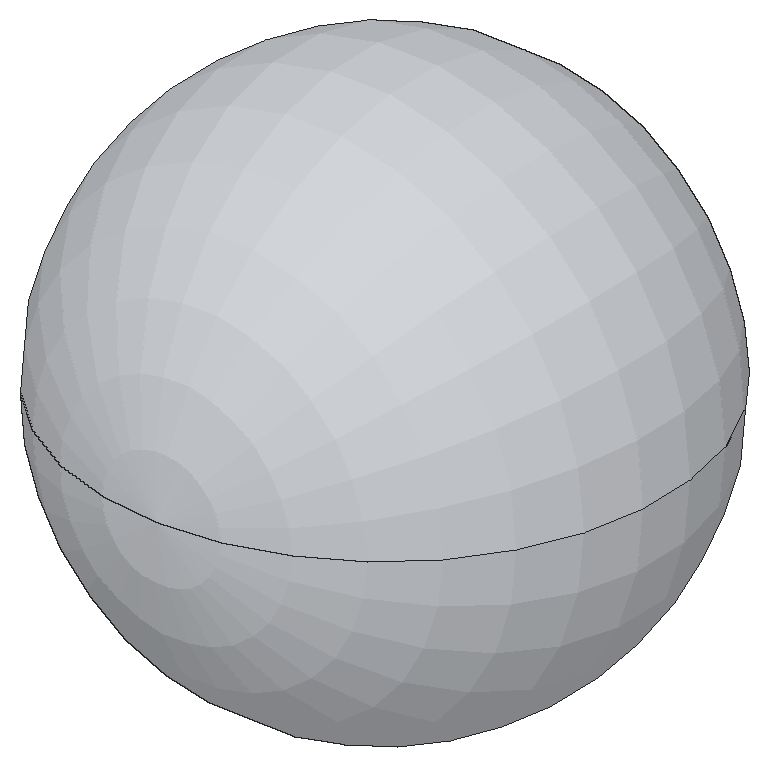
Revit family "damage_as_point", category Modelos genéricos, Revit 2025
Family settings
  Puede alojar armadura = No
  Cota de conector redondo = Usar diámetro
  Tipo de pieza = Normal
  Se basa en plano de trabajo = No
  Siempre vertical = Sí
  Corte con vacíos al cargar = No
  Mantener orientación de anotación = No
  Compartido = No
  Punto de cálculo de habitación = No
Parameters
  Tipo [instance] = 0 mm
  Size = 100 mm
  Elevación por defecto = 0 mm
  8-Material of damage [instance] = none
  7-Urgency for intervention [instance] = ""
  6-Indirect causes [instance] = ""
  5-Direct causes [instance] = ""
  4-Date of inspection [instance] = ""
  3- Image = 0
  2-Strategy used to detect damage [instance] = ""
  1-Subcategory of damage [instance] = ""
  0-Category of damage [instance] = ""
Reference planes
  plane 1 "Centro (Frontal/Posterior)": y = 0
  plane 2: z = 0
  plane 3 "Centro (Izquierda/Derecha)": x = 0
Forms (mm)
  Revolve 1, solid, material <- "8-Material of damage"
    sketch origin (0, 0, 0) x (1, 0, 0) y (0, 1, 0)
      loop
        arc (0, -50) -> (50, 0) -> (0, 50) r 50
        line (0, 50) -> (0, -50)
      axis (0, 50) -> (0, -50)
    angle from 0 to 360
Dimensions and locks
  "Size": diameter of Revolve 1 sketch curve
  aligned and locked: level to plane 2
Automatic sketch dimensions
  Revolve 1 sketch curve to plane 3 "Centro (Izquierda/Derecha)" = 0 mm  (x2)
  plane 1 "Centro (Frontal/Posterior)" to Revolve 1 sketch curve = 0 mm
  Revolve 1 sketch curve to Revolve 1 sketch curve = 260 mm
  Revolve 1 sketch curve to Revolve 1 sketch curve = 340 mm
